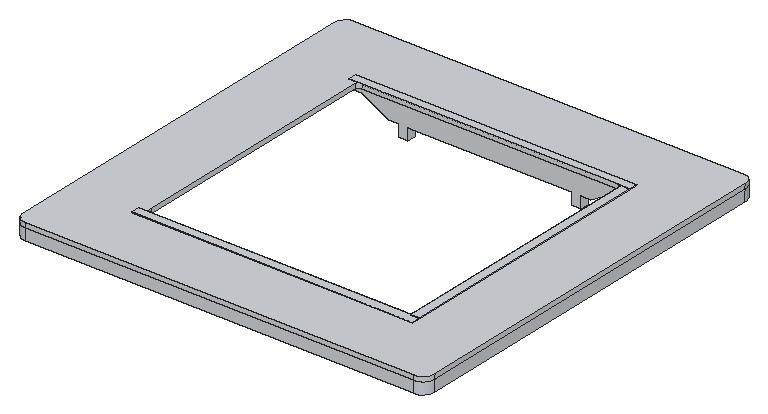
Revit family "Gira_0211255", category Electrical Fixtures, host Face, Revit 2017
Family settings
  Host = Face
  Maintain Annotation Orientation = No
  Round Connector Dimension = Use Diameter
  Part Type = Normal
  Cut with Voids When Loaded = No
  Shared = No
  Room Calculation Point = No
Parameters (values of type "Cov.fr. 1-g flat Gira E2 c.alum.")
  With mounting grid = "No"
  With hinged lid = "No"
  URL = "http://katalog.gira.de/en/datenblatt.html?artikelnr=0211255"
  Type of fastening = "Clamp mounting"
  Transparent = "No"
  Surface protection = "Other"
  Suitable for wall duct = "No"
  Suitable for flush-mounted installation = "Yes"
  Suitable for floor box = "No"
  Suitable for built-in installation = "No"
  Number of units vertical = "1"
  Number of units horizontal = "1"
  Number of units = "1"
  Name = "Cov.fr. 1-g flat Gira E2 c.alum."
  Mounting direction = "Horizontal and vertical"
  Material quality = "Thermoplastic"
  Material = "Plastic"
  Manufacturer URL = "https://www.gira.de/"
  Manufacturer = "Gira"
  Label space/information surface = "No"
  Keynote = ""
  HeinzeBIM = "https://bimportal.heinze.de/bim/cov-fr-1-g-flat-gira-e2-c-alum-/79ed67f94380177a658d410531412a482989862c"
  Halogen free = "Yes"
  HAN = "0211255"
  GTIN = "4010337021322"
  Description = "Cov.fr.1g flat E2 CAl,Gira E2 cover frame for flat installation,colour aluminium,1-gang,"
  Degree of protection (IP) = "IP20"
  Default Elevation = 1219.2 mm
  Data sheet (1) = "https://katalog.gira.de/en/download.html?artikelnr=0211255"
  Colour = "Aluminium"
  Category = "Cover frame for domestic switching devices"
  BIM (1) = "https://media.stage.bim.site/public/gira/36a6b08/E2flach_Rahmen_1fach.rfa"
  Available = "No"
Reference planes
  plane 1 "Center (Front/Back)": y = 0
  plane 2: z = 0
  plane 3 "Center (Left/Right)": x = 0
Forms (mm)
  Extrusion 1, solid, detail levels fine
    sketch origin (0, 0, 0) x (1, 0, 0) y (0, 1, 0)
      loop
        arc (-41.4, 43.9) -> (-43.168, 43.168) -> (-43.9, 41.4) r 2.5
        line (-43.9, 41.4) -> (-43.9, -41.4)
        arc (-43.9, -41.4) -> (-43.168, -43.168) -> (-41.4, -43.9) r 2.5
        line (-41.4, -43.9) -> (41.4, -43.9)
        arc (41.4, -43.9) -> (43.168, -43.168) -> (43.9, -41.4) r 2.5
        line (43.9, -41.4) -> (43.9, 41.4)
        arc (43.9, 41.4) -> (43.168, 43.168) -> (41.4, 43.9) r 2.5
        line (41.4, 43.9) -> (-41.4, 43.9)
      loop
        spline (-28.144, -27.245) -> (-28.136, -27.363) -> (-28.113, -27.478) -> (-28.075, -27.589) -> (-28.023, -27.695) -> (-27.958, -27.792) -> (-27.881, -27.881) -> (-27.792, -27.958) -> (-27.695, -28.023) -> (-27.589, -28.075) -> (-27.478, -28.113) -> (-27.363, -28.136) -> (-27.245, -28.144)
        line (-27.245, -28.144) -> (27.245, -28.144)
        spline (27.245, -28.144) -> (27.363, -28.136) -> (27.478, -28.113) -> (27.589, -28.075) -> (27.695, -28.023) -> (27.792, -27.958) -> (27.881, -27.881) -> (27.958, -27.792) -> (28.023, -27.695) -> (28.075, -27.589) -> (28.113, -27.478) -> (28.136, -27.363) -> (28.144, -27.245)
        line (28.144, -27.245) -> (28.144, 27.245)
        spline (28.144, 27.245) -> (28.136, 27.363) -> (28.113, 27.478) -> (28.075, 27.589) -> (28.023, 27.695) -> (27.958, 27.792) -> (27.881, 27.881) -> (27.792, 27.958) -> (27.695, 28.023) -> (27.589, 28.075) -> (27.478, 28.113) -> (27.363, 28.136) -> (27.245, 28.144)
        line (27.245, 28.144) -> (-27.245, 28.144)
        spline (-27.245, 28.144) -> (-27.363, 28.136) -> (-27.478, 28.113) -> (-27.589, 28.075) -> (-27.695, 28.023) -> (-27.792, 27.958) -> (-27.881, 27.881) -> (-27.958, 27.792) -> (-28.023, 27.695) -> (-28.075, 27.589) -> (-28.113, 27.478) -> (-28.136, 27.363) -> (-28.144, 27.245)
        line (-28.144, 27.245) -> (-28.144, -27.245)
    from 2.5 to 3.4
  Extrusion 2, solid, detail levels fine
    sketch origin (0, 0, 0) x (1, 0, 0) y (0, 1, 0)
      loop
        arc (-41.4, 43.9) -> (-43.168, 43.168) -> (-43.9, 41.4) r 2.5
        line (-43.9, 41.4) -> (-43.9, -41.4)
        arc (-43.9, -41.4) -> (-43.168, -43.168) -> (-41.4, -43.9) r 2.5
        line (-41.4, -43.9) -> (41.4, -43.9)
        arc (41.4, -43.9) -> (43.168, -43.168) -> (43.9, -41.4) r 2.5
        line (43.9, -41.4) -> (43.9, 41.4)
        arc (43.9, 41.4) -> (43.168, 43.168) -> (41.4, 43.9) r 2.5
        line (41.4, 43.9) -> (-41.4, 43.9)
      loop
        arc (-41.4, 43.4) -> (-42.814, 42.814) -> (-43.4, 41.4) r 2
        line (-43.4, 41.4) -> (-43.4, -41.4)
        arc (-43.4, -41.4) -> (-42.814, -42.814) -> (-41.4, -43.4) r 2
        line (-41.4, -43.4) -> (41.4, -43.4)
        arc (41.4, -43.4) -> (42.814, -42.814) -> (43.4, -41.4) r 2
        line (43.4, -41.4) -> (43.4, 41.4)
        arc (43.4, 41.4) -> (42.814, 42.814) -> (41.4, 43.4) r 2
        line (41.4, 43.4) -> (-41.4, 43.4)
    from 0 to 2.5
  Extrusion 3, solid, detail levels fine
    sketch origin (0, 0, 0) x (1, 0, 0) y (0, 0, 1)
      loop
        line (-17.5, -4.06) -> (-17.5, -1.56) -> (17.5, -1.56) -> (17.5, -4.06) -> (19.5, -4.06) -> (19.5, -1.56) -> (21.654, -1.56) -> (27.214, 1.65) -> (30, 1.65) -> (30, 3.4) -> (-30, 3.4) -> (-30, 1.65) -> (-27.214, 1.65) -> (-21.654, -1.56) -> (-19.5, -1.56) -> (-19.5, -4.06) -> (-17.5, -4.06)
    from 28.144 to 30
  Extrusion 4, solid, detail levels fine
    sketch origin (0, 0, 0) x (0, -1, 0) y (0, 0, -1)
      loop
        line (-17.5, 4.06) -> (-19.5, 4.06) -> (-19.5, 1.56) -> (-21.654, 1.56) -> (-27.214, -1.65) -> (-28.144, -1.65) -> (-28.144, -3.4) -> (28.144, -3.4) -> (28.144, -1.65) -> (27.214, -1.65) -> (21.654, 1.56) -> (19.5, 1.56) -> (19.5, 4.06) -> (17.5, 4.06) -> (17.5, 1.56) -> (-17.5, 1.56) -> (-17.5, 4.06)
    from 28.144 to 30
  Extrusion 5, solid, detail levels medium
    sketch origin (0, 0, 0) x (0, -1, 0) y (0, 0, 1)
      loop
        line (-17.5, -4.06) -> (-17.5, -1.56) -> (17.5, -1.56) -> (17.5, -4.06) -> (19.5, -4.06) -> (19.5, -1.56) -> (28.144, -1.56) -> (28.144, 3.4) -> (-28.144, 3.4) -> (-28.144, -1.56) -> (-19.5, -1.56) -> (-19.5, -4.06) -> (-17.5, -4.06)
    from 28.144 to 30
  Extrusion 6, solid, detail levels fine
    sketch origin (0, 0, 0) x (1, 0, 0) y (0, 0, -1)
      loop
        line (-17.5, 4.06) -> (-19.5, 4.06) -> (-19.5, 1.56) -> (-21.654, 1.56) -> (-27.214, -1.65) -> (-30, -1.65) -> (-30, -3.4) -> (30, -3.4) -> (30, -1.65) -> (27.214, -1.65) -> (21.654, 1.56) -> (19.5, 1.56) -> (19.5, 4.06) -> (17.5, 4.06) -> (17.5, 1.56) -> (-17.5, 1.56) -> (-17.5, 4.06)
    from 28.144 to 30
  Extrusion 7, solid, detail levels coarse
    sketch origin (0, 0, 0) x (1, 0, 0) y (0, 1, 0)
      loop
        line (-43.9, 43.9) -> (-43.9, -43.9) -> (43.9, -43.9) -> (43.9, 43.9) -> (-43.9, 43.9)
    from -4.06 to 3.4
  Extrusion 8, solid, detail levels medium
    sketch origin (0, 0, 0) x (1, 0, 0) y (0, 1, 0)
      loop
        line (-43.9, 43.9) -> (-43.9, -43.9) -> (43.9, -43.9) -> (43.9, 43.9) -> (-43.9, 43.9)
    from 0 to 3.4
  Extrusion 9, solid, detail levels medium
    sketch origin (0, 0, 0) x (1, 0, 0) y (0, 0, 1)
      loop
        line (-17.5, -4.06) -> (-17.5, -1.56) -> (17.5, -1.56) -> (17.5, -4.06) -> (19.5, -4.06) -> (19.5, -1.56) -> (30, -1.56) -> (30, 3.4) -> (-30, 3.4) -> (-30, -1.56) -> (-19.5, -1.56) -> (-19.5, -4.06) -> (-17.5, -4.06)
    from 28.144 to 30
  Extrusion 10, solid, detail levels medium
    sketch origin (0, 0, 0) x (1, 0, 0) y (0, 0, -1)
      loop
        line (-17.5, 4.06) -> (-19.5, 4.06) -> (-19.5, 1.56) -> (-30, 1.56) -> (-30, -3.4) -> (30, -3.4) -> (30, 1.56) -> (19.5, 1.56) -> (19.5, 4.06) -> (17.5, 4.06) -> (17.5, 1.56) -> (-17.5, 1.56) -> (-17.5, 4.06)
    from 28.144 to 30
  Extrusion 11, solid, detail levels medium
    sketch origin (0, 0, 0) x (0, -1, 0) y (0, 0, -1)
      loop
        line (-17.5, 4.06) -> (-19.5, 4.06) -> (-19.5, 1.56) -> (-28.144, 1.56) -> (-28.144, -3.4) -> (28.144, -3.4) -> (28.144, 1.56) -> (19.5, 1.56) -> (19.5, 4.06) -> (17.5, 4.06) -> (17.5, 1.56) -> (-17.5, 1.56) -> (-17.5, 4.06)
    from 28.144 to 30
Dimensions and locks
  aligned and locked: plane 2 to host face
  aligned and locked: level to host face
